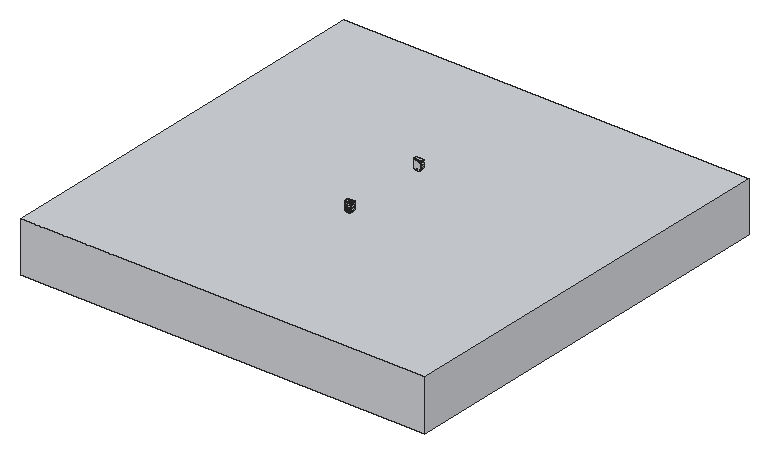
Revit family "Trade Easy Lock", category Обобщенные модели, Revit 2017
Family settings
  Основа = Грань
  Может служить основой для арматурных стержней = Нет
  Размер круглого соединителя = Использовать диаметр
  Тип детали = Нормальный
  При загрузке вырезать с полостями = Нет
  Общий = Нет
  Точка расчета площади = Нет
Parameters
  Расстояние до плоскости = 100 mm
  Default Elevation = 1219.2 mm
  Начало профиля = 249.976 mm
  Конец профиля = 250.024 mm
Reference planes
  plane 1 "По центру (Вперед/Назад)": y = 0
  plane 2: z = 0
  plane 3 "По центру (Влево/Вправо)": x = 0
  plane 4 "Плоскость светильника": z = 100
Forms (mm)
  Extrusion 1, solid
    sketch origin (0, 0, 0) x (1, 0, 0) y (0, 1, 0)
      loop
        line (-1219.2, 1219.2) -> (-1219.2, -1219.2) -> (1219.2, -1219.2) -> (1219.2, 1219.2) -> (-1219.2, 1219.2)
    from 0 to -304.8
  Extrusion 2, solid, material "Алюминий"
    sketch origin (-19.367, -250.024, 100) x (1, 0, 0) y (0, 0, 1)
      loop
        arc (33.722, -51.859) -> (35.632, -52.295) -> (37.398, -51.445) r 2.966
        arc (37.398, -51.445) -> (38.236, -49.77) -> (37.904, -47.926) r 2.966
        arc (37.904, -47.926) -> (40.834, -43.611) -> (42.805, -38.782) r 25
        arc (42.805, -38.782) -> (38.95, -31.8) -> (42.805, -24.818) r 8.25
        arc (42.805, -24.818) -> (40.346, -19.12) -> (36.558, -14.203) r 25
        arc (36.558, -14.203) -> (38.174, -13.134) -> (38.8, -11.3) r 3
        arc (38.8, -11.3) -> (38.255, -9.575) -> (36.817, -8.478) r 3
        arc (36.817, -8.478) -> (36.433, -8.368) -> (36.038, -8.309) r 3
        arc (36.038, -8.309) -> (36.366, -7.795) -> (36.672, -7.268) r 15
        arc (36.672, -7.268) -> (40.4, -8.16) -> (42.571, -5) r 3.385
        line (42.571, -5) -> (42.571, 0) -> (40.76, 0) -> (37.759, 0) -> (-0.159, 0) -> (-3.16, 0) -> (-4.971, 0) -> (-4.971, -5)
        arc (-4.971, -5) -> (-2.8, -8.16) -> (0.928, -7.268) r 3.385
        arc (0.928, -7.268) -> (1.234, -7.795) -> (1.562, -8.309) r 15
        arc (1.562, -8.309) -> (1.167, -8.368) -> (0.783, -8.478) r 3
        arc (0.783, -8.478) -> (-0.655, -9.575) -> (-1.2, -11.3) r 3
        arc (-1.2, -11.3) -> (-0.574, -13.134) -> (1.042, -14.203) r 3
        arc (1.042, -14.203) -> (-2.746, -19.12) -> (-5.205, -24.818) r 25
        arc (-5.205, -24.818) -> (-1.35, -31.8) -> (-5.205, -38.782) r 8.25
        arc (-5.205, -38.782) -> (-3.234, -43.611) -> (-0.304, -47.926) r 25
        arc (-0.304, -47.926) -> (-0.636, -49.77) -> (0.202, -51.445) r 2.966
        arc (0.202, -51.445) -> (1.968, -52.295) -> (3.878, -51.859) r 2.966
        arc (3.878, -51.859) -> (9.009, -54.803) -> (14.688, -56.46) r 25
        line (14.688, -56.46) -> (14.688, -50.7) -> (18.8, -50.7) -> (22.912, -50.7) -> (22.912, -56.46)
        arc (22.912, -56.46) -> (28.591, -54.803) -> (33.722, -51.859) r 25
    from 0 to 1.5
  Extrusion 3, solid
    sketch origin (18.233, 249.976, 100) x (-1, 0, 0) y (0, 0, 1)
      loop
        arc (3.884, -51.859) -> (9.014, -54.803) -> (14.693, -56.46) r 25
        line (14.693, -56.46) -> (14.693, -50.7) -> (18.805, -50.7) -> (22.917, -50.7) -> (22.917, -56.46)
        arc (22.917, -56.46) -> (28.596, -54.803) -> (33.727, -51.859) r 25
        arc (33.727, -51.859) -> (35.637, -52.295) -> (37.403, -51.445) r 2.966
        arc (37.403, -51.445) -> (38.241, -49.77) -> (37.909, -47.926) r 2.966
        arc (37.909, -47.926) -> (40.839, -43.611) -> (42.81, -38.782) r 25
        arc (42.81, -38.782) -> (38.955, -31.8) -> (42.81, -24.818) r 8.25
        arc (42.81, -24.818) -> (40.351, -19.12) -> (36.563, -14.203) r 25
        arc (36.563, -14.203) -> (38.179, -13.134) -> (38.805, -11.3) r 3
        arc (38.805, -11.3) -> (38.26, -9.575) -> (36.822, -8.478) r 3
        arc (36.822, -8.478) -> (36.438, -8.368) -> (36.043, -8.309) r 3
        arc (36.043, -8.309) -> (36.371, -7.795) -> (36.677, -7.268) r 15
        arc (36.677, -7.268) -> (40.405, -8.16) -> (42.576, -5) r 3.385
        line (42.576, -5) -> (42.576, 0) -> (40.765, 0) -> (37.764, 0) -> (-0.154, 0) -> (-3.155, 0) -> (-4.966, 0) -> (-4.966, -5)
        arc (-4.966, -5) -> (-2.795, -8.16) -> (0.933, -7.268) r 3.385
        arc (0.933, -7.268) -> (1.239, -7.795) -> (1.567, -8.309) r 15
        arc (1.567, -8.309) -> (1.172, -8.368) -> (0.788, -8.478) r 3
        arc (0.788, -8.478) -> (-0.65, -9.575) -> (-1.195, -11.3) r 3
        arc (-1.195, -11.3) -> (-0.569, -13.134) -> (1.047, -14.203) r 3
        arc (1.047, -14.203) -> (-2.741, -19.12) -> (-5.2, -24.818) r 25
        arc (-5.2, -24.818) -> (-1.345, -31.8) -> (-5.2, -38.782) r 8.25
        arc (-5.2, -38.782) -> (-3.229, -43.611) -> (-0.299, -47.926) r 25
        arc (-0.299, -47.926) -> (-0.631, -49.77) -> (0.207, -51.445) r 2.966
        arc (0.207, -51.445) -> (1.973, -52.295) -> (3.884, -51.859) r 2.966
    from 0 to 1.5
  Extrusion 4, solid
    sketch origin (0, -398.223, 100) x (0, -1, 0) y (1, 0, 0)
      loop
        line (-154.699, 18.233) -> (-154.699, -19.367) -> (-148.199, -19.367) -> (-148.199, 18.233) -> (-154.699, 18.233)
      loop
        line (-648.199, -19.367) -> (-641.699, -19.367) -> (-641.699, 18.233) -> (-648.199, 18.233) -> (-648.199, -19.367)
    from 0 to -1
  Extrusion 5, solid
    sketch origin (-19.367, -251.524, 100) x (1, 0, 0) y (0, 0, 1)
      loop
        line (14.683, -50.7) -> (18.795, -50.7) -> (22.907, -50.7) -> (22.907, -56.46)
        arc (22.907, -56.46) -> (28.586, -54.803) -> (33.716, -51.859) r 25
        arc (33.716, -51.859) -> (33.841, -47.801) -> (37.899, -47.926) r 2.87
        arc (37.899, -47.926) -> (40.829, -43.611) -> (42.8, -38.782) r 25
        arc (42.8, -38.782) -> (38.945, -31.8) -> (42.8, -24.818) r 8.25
        arc (42.8, -24.818) -> (40.341, -19.12) -> (36.553, -14.203) r 25
        arc (36.553, -14.203) -> (35.866, -10.39) -> (39.18, -8.385) r 3.418
        arc (39.18, -8.385) -> (41.574, -7.394) -> (42.566, -5) r 3.385
        line (42.566, -5) -> (42.566, 0) -> (40.755, 0) -> (18.795, 0) -> (-3.165, 0) -> (-4.976, 0) -> (-4.976, -5)
        arc (-4.976, -5) -> (-3.984, -7.394) -> (-1.59, -8.385) r 3.385
        arc (-1.59, -8.385) -> (1.724, -10.39) -> (1.037, -14.203) r 3.418
        arc (1.037, -14.203) -> (-2.751, -19.12) -> (-5.21, -24.818) r 25
        arc (-5.21, -24.818) -> (-1.355, -31.8) -> (-5.21, -38.782) r 8.25
        arc (-5.21, -38.782) -> (-3.239, -43.611) -> (-0.309, -47.926) r 25
        arc (-0.309, -47.926) -> (3.749, -47.801) -> (3.873, -51.859) r 2.87
        arc (3.873, -51.859) -> (9.004, -54.803) -> (14.683, -56.46) r 25
        line (14.683, -56.46) -> (14.683, -50.7)
    from 0 to 18
  Extrusion 6, solid
    sketch origin (18.233, 251.476, 100) x (-1, 0, 0) y (0, 0, 1)
      loop
        line (22.808, -50.7) -> (22.808, -56.46)
        arc (22.808, -56.46) -> (28.487, -54.803) -> (33.618, -51.859) r 25
        arc (33.618, -51.859) -> (33.743, -47.801) -> (37.8, -47.926) r 2.87
        arc (37.8, -47.926) -> (40.731, -43.611) -> (42.702, -38.782) r 25
        arc (42.702, -38.782) -> (38.847, -31.8) -> (42.702, -24.818) r 8.25
        arc (42.702, -24.818) -> (40.242, -19.12) -> (36.454, -14.203) r 25
        arc (36.454, -14.203) -> (35.767, -10.39) -> (39.082, -8.385) r 3.418
        arc (39.082, -8.385) -> (41.476, -7.394) -> (42.467, -5) r 3.385
        line (42.467, -5) -> (42.467, 0) -> (40.657, 0) -> (18.696, 0) -> (-3.264, 0) -> (-5.074, 0) -> (-5.074, -5)
        arc (-5.074, -5) -> (-4.083, -7.394) -> (-1.689, -8.385) r 3.385
        arc (-1.689, -8.385) -> (1.626, -10.39) -> (0.939, -14.203) r 3.418
        arc (0.939, -14.203) -> (-2.849, -19.12) -> (-5.309, -24.818) r 25
        arc (-5.309, -24.818) -> (-1.454, -31.8) -> (-5.309, -38.782) r 8.25
        arc (-5.309, -38.782) -> (-3.338, -43.611) -> (-0.407, -47.926) r 25
        arc (-0.407, -47.926) -> (3.65, -47.801) -> (3.775, -51.859) r 2.87
        arc (3.775, -51.859) -> (8.906, -54.803) -> (14.585, -56.46) r 25
        line (14.585, -56.46) -> (14.585, -50.7) -> (18.696, -50.7) -> (22.808, -50.7)
    from 0 to 18
  Extrusion 7, void
    sketch origin (-19.367, -269.524, 100) x (-1, 0, 0) y (0, 0, 1)
      loop
        line (-24.215, -49.573) -> (-18.904, -49.573) -> (-13.592, -49.573) -> (-13.592, -55.073)
        arc (-13.592, -55.073) -> (-9.442, -53.712) -> (-5.612, -51.616) r 23.8
        arc (-5.612, -51.616) -> (-4.679, -47) -> (-0.015, -46.353) r 4.07
        arc (-0.015, -46.353) -> (2.136, -43) -> (3.697, -39.334) r 23.8
        arc (3.697, -39.334) -> (0.047, -31.873) -> (3.697, -24.413) r 9.45
        arc (3.697, -24.413) -> (1.388, -19.437) -> (-1.998, -15.121) r 23.8
        arc (-1.998, -15.121) -> (-2.935, -9.989) -> (1.511, -7.259) r 4.618
        arc (1.511, -7.259) -> (3.037, -6.609) -> (3.667, -5.073) r 2.185
        line (3.667, -5.073) -> (3.667, -1.273) -> (-18.904, -1.273) -> (-41.474, -1.273) -> (-41.474, -5.073)
        arc (-41.474, -5.073) -> (-40.844, -6.609) -> (-39.318, -7.259) r 2.185
        arc (-39.318, -7.259) -> (-34.872, -9.989) -> (-35.809, -15.121) r 4.618
        arc (-35.809, -15.121) -> (-39.196, -19.437) -> (-41.504, -24.413) r 23.8
        arc (-41.504, -24.413) -> (-37.854, -31.873) -> (-41.504, -39.334) r 9.45
        arc (-41.504, -39.334) -> (-39.943, -43) -> (-37.792, -46.353) r 23.8
        arc (-37.792, -46.353) -> (-33.128, -47) -> (-32.195, -51.616) r 4.07
        arc (-32.195, -51.616) -> (-28.365, -53.712) -> (-24.215, -55.073) r 23.8
        line (-24.215, -55.073) -> (-24.215, -49.573)
      loop
        line (-18.904, -19.373) -> (-28.304, -19.373)
        arc (-28.304, -19.373) -> (-31.839, -20.838) -> (-33.304, -24.373) r 5
        line (-33.304, -24.373) -> (-33.304, -31.213)
        arc (-33.304, -31.213) -> (-32.96, -32.942) -> (-31.98, -34.407) r 4.518
        line (-31.98, -34.407) -> (-27.334, -39.054)
        arc (-27.334, -39.054) -> (-25.872, -40.03) -> (-24.148, -40.373) r 4.506
        line (-24.148, -40.373) -> (-18.904, -40.373) -> (-13.659, -40.373)
        arc (-13.659, -40.373) -> (-11.935, -40.03) -> (-10.473, -39.054) r 4.506
        line (-10.473, -39.054) -> (-5.827, -34.407)
        arc (-5.827, -34.407) -> (-4.847, -32.942) -> (-4.504, -31.213) r 4.518
        line (-4.504, -31.213) -> (-4.504, -24.373)
        arc (-4.504, -24.373) -> (-5.968, -20.838) -> (-9.504, -19.373) r 5
        line (-9.504, -19.373) -> (-18.904, -19.373)
      loop
        line (-24.579, -30.813) -> (-24.579, -25.813) -> (-27.035, -25.813) -> (-27.035, -30.813) -> (-24.579, -30.813)
      loop
        line (-20.107, -34.85) -> (-17.651, -34.85) -> (-17.651, -29.85) -> (-20.107, -29.85) -> (-20.107, -34.85)
      loop
        line (-13.179, -30.813) -> (-10.723, -30.813) -> (-10.723, -25.813) -> (-13.179, -25.813) -> (-13.179, -30.813)
    from 0 to 15
  Extrusion 8, void
    sketch origin (18.233, 269.476, 100) x (1, 0, 0) y (0, 0, 1)
      loop
        line (-13.385, -49.321) -> (-13.385, -54.82)
        arc (-13.385, -54.82) -> (-9.235, -53.459) -> (-5.405, -51.363) r 23.8
        arc (-5.405, -51.363) -> (-4.472, -46.748) -> (0.192, -46.101) r 4.07
        arc (0.192, -46.101) -> (2.343, -42.747) -> (3.904, -39.081) r 23.8
        arc (3.904, -39.081) -> (0.254, -31.621) -> (3.904, -24.16) r 9.45
        arc (3.904, -24.16) -> (1.596, -19.184) -> (-1.791, -14.868) r 23.8
        arc (-1.791, -14.868) -> (-2.728, -9.736) -> (1.718, -7.006) r 4.618
        arc (1.718, -7.006) -> (3.244, -6.356) -> (3.874, -4.821) r 2.185
        line (3.874, -4.821) -> (3.874, -1.021) -> (-18.696, -1.021) -> (-41.267, -1.021) -> (-41.267, -4.821)
        arc (-41.267, -4.821) -> (-40.637, -6.356) -> (-39.111, -7.006) r 2.185
        arc (-39.111, -7.006) -> (-34.665, -9.736) -> (-35.602, -14.868) r 4.618
        arc (-35.602, -14.868) -> (-38.988, -19.184) -> (-41.297, -24.16) r 23.8
        arc (-41.297, -24.16) -> (-37.647, -31.621) -> (-41.297, -39.081) r 9.45
        arc (-41.297, -39.081) -> (-39.736, -42.747) -> (-37.585, -46.101) r 23.8
        arc (-37.585, -46.101) -> (-32.921, -46.748) -> (-31.988, -51.363) r 4.07
        arc (-31.988, -51.363) -> (-28.158, -53.459) -> (-24.008, -54.82) r 23.8
        line (-24.008, -54.82) -> (-24.008, -49.321) -> (-18.696, -49.321) -> (-13.385, -49.321)
      loop
        line (-18.696, -19.121) -> (-28.096, -19.121)
        arc (-28.096, -19.121) -> (-31.632, -20.585) -> (-33.096, -24.121) r 5
        line (-33.096, -24.121) -> (-33.096, -30.96)
        arc (-33.096, -30.96) -> (-32.753, -32.689) -> (-31.773, -34.155) r 4.518
        line (-31.773, -34.155) -> (-27.127, -38.801)
        arc (-27.127, -38.801) -> (-25.665, -39.778) -> (-23.941, -40.121) r 4.506
        line (-23.941, -40.121) -> (-18.696, -40.121) -> (-13.452, -40.121)
        arc (-13.452, -40.121) -> (-11.728, -39.778) -> (-10.266, -38.801) r 4.506
        line (-10.266, -38.801) -> (-5.62, -34.155)
        arc (-5.62, -34.155) -> (-4.64, -32.689) -> (-4.296, -30.96) r 4.518
        line (-4.296, -30.96) -> (-4.296, -24.121)
        arc (-4.296, -24.121) -> (-5.761, -20.585) -> (-9.296, -19.121) r 5
        line (-9.296, -19.121) -> (-18.696, -19.121)
      loop
        line (-13.021, -30.56) -> (-10.565, -30.56) -> (-10.565, -25.56) -> (-13.021, -25.56) -> (-13.021, -30.56)
      loop
        line (-17.493, -34.597) -> (-17.493, -29.597) -> (-19.949, -29.597) -> (-19.949, -34.597) -> (-17.493, -34.597)
      loop
        line (-24.421, -30.56) -> (-24.421, -25.56) -> (-26.877, -25.56) -> (-26.877, -30.56) -> (-24.421, -30.56)
      loop
        arc (-25.713, -37.387) -> (-24.9, -37.93) -> (-23.941, -38.121) r 2.506
        line (-23.941, -38.121) -> (-18.696, -38.121) -> (-13.452, -38.121)
        arc (-13.452, -38.121) -> (-12.493, -37.93) -> (-11.68, -37.387) r 2.506
        line (-11.68, -37.387) -> (-7.034, -32.74)
        arc (-7.034, -32.74) -> (-6.488, -31.923) -> (-6.296, -30.96) r 2.518
        line (-6.296, -30.96) -> (-6.296, -24.121)
        arc (-6.296, -24.121) -> (-7.175, -21.999) -> (-9.296, -21.121) r 3
        line (-9.296, -21.121) -> (-18.696, -21.121) -> (-28.096, -21.121)
        arc (-28.096, -21.121) -> (-30.218, -21.999) -> (-31.096, -24.121) r 3
        line (-31.096, -24.121) -> (-31.096, -30.96)
        arc (-31.096, -30.96) -> (-30.905, -31.923) -> (-30.359, -32.74) r 2.518
        line (-30.359, -32.74) -> (-25.713, -37.387)
    from 0 to 15
Cuts and joins
  Extrusion 7 cuts Extrusion 5
  Extrusion 8 cuts Extrusion 6
Dimensions and locks
  "Расстояние до плоскости": plane 4 "Плоскость светильника" to Extrusion 1
  "Конец профиля": plane 1 "По центру (Вперед/Назад)" to Extrusion 4
  "Начало профиля": Extrusion 4 to plane 1 "По центру (Вперед/Назад)"
  aligned and locked: plane 2 to Extrusion 1
  aligned and locked: level to Extrusion 1
Automatic sketch dimensions
  Extrusion 1 sketch curve to Extrusion 1 sketch curve = 2438.4 mm  (x2)
  Extrusion 4 sketch curve to plane 3 "По центру (Влево/Вправо)" = 19.367 mm  (x2)
  plane 1 "По центру (Вперед/Назад)" to Extrusion 4 sketch curve = 243.524 mm
  Extrusion 4 sketch curve to Extrusion 4 sketch curve = 6.5 mm  (x2)
  plane 3 "По центру (Влево/Вправо)" to Extrusion 4 sketch curve = 18.233 mm  (x2)
  Extrusion 4 sketch curve to plane 1 "По центру (Вперед/Назад)" = 243.476 mm
  Extrusion 2 sketch curve to Extrusion 2 sketch curve = 0 mm  (x46)
  Extrusion 2 sketch curve to Extrusion 4 = 0 mm  (x3)
  Extrusion 2 sketch curve to Extrusion 4 = 9.6 mm
  Extrusion 2 sketch curve to Extrusion 4 = 4.971 mm
  Extrusion 2 sketch curve to Extrusion 2 sketch curve = 1.81 mm
  Extrusion 2 sketch curve to Extrusion 4 = 1.585 mm
  Extrusion 2 sketch curve to Extrusion 4 = 0.159 mm
  Extrusion 4 to Extrusion 2 sketch curve = 1.8 mm
  Extrusion 4 to Extrusion 2 sketch curve = 2.3 mm
  Extrusion 4 to Extrusion 2 sketch curve = 14.05 mm
  Extrusion 2 sketch curve to Extrusion 2 sketch curve = 12.388 mm
  Extrusion 4 to Extrusion 2 sketch curve = 18.8 mm
  Extrusion 2 sketch curve to Extrusion 2 sketch curve = 4.112 mm  (x2)
  Extrusion 2 sketch curve to Extrusion 2 sketch curve = 9.5 mm
  Extrusion 2 sketch curve to Extrusion 4 = 2.3 mm
  Extrusion 2 sketch curve to Extrusion 4 = 1.8 mm
  Extrusion 4 to Extrusion 2 sketch curve = 0.159 mm
  Extrusion 4 to Extrusion 2 sketch curve = 1.585 mm
  Extrusion 2 sketch curve to Extrusion 2 sketch curve = 3.001 mm
  Extrusion 2 sketch curve to Extrusion 2 sketch curve = 3.385 mm
  Extrusion 4 to Extrusion 2 sketch curve = 9.6 mm
  Extrusion 2 sketch curve to Extrusion 4 = 4 mm  (x2)
  Extrusion 2 sketch curve to Extrusion 2 sketch curve = 6.3 mm  (x2)
  Extrusion 2 sketch curve to Extrusion 2 sketch curve = 20.5 mm  (x3)
  Extrusion 2 sketch curve to Extrusion 2 sketch curve = 17.547 mm  (x2)
  Extrusion 2 sketch curve to Extrusion 2 sketch curve = 1.353 mm
  Extrusion 2 sketch curve to Extrusion 2 sketch curve = 5.76 mm  (x2)
  Extrusion 2 sketch curve to Extrusion 4 = 5.205 mm  (x2)
  Extrusion 2 sketch curve to Extrusion 4 = 1.2 mm
  Extrusion 2 sketch curve to Extrusion 4 = 0.304 mm
  Extrusion 4 to Extrusion 2 sketch curve = 0.202 mm
  Extrusion 4 to Extrusion 2 sketch curve = 0.783 mm
  Extrusion 4 to Extrusion 2 sketch curve = 0.928 mm
  Extrusion 4 to Extrusion 2 sketch curve = 1.042 mm
  Extrusion 2 sketch curve to Extrusion 2 sketch curve = 1.578 mm
  Extrusion 2 sketch curve to Extrusion 4 = 1.562 mm
  Extrusion 2 sketch curve to Extrusion 4 = 1.042 mm
  Extrusion 2 sketch curve to Extrusion 4 = 0.928 mm
  Extrusion 2 sketch curve to Extrusion 4 = 0.783 mm
  Extrusion 2 sketch curve to Extrusion 4 = 0.202 mm
  Extrusion 4 to Extrusion 2 sketch curve = 0.304 mm
  Extrusion 4 to Extrusion 2 sketch curve = 5.205 mm
  Extrusion 3 sketch curve to Extrusion 3 sketch curve = 0 mm  (x46)
  Extrusion 3 sketch curve to Extrusion 4 = 0 mm  (x3)
  Extrusion 3 sketch curve to Extrusion 4 = 9.595 mm
  Extrusion 3 sketch curve to Extrusion 4 = 4.966 mm
  Extrusion 3 sketch curve to Extrusion 3 sketch curve = 1.81 mm  (x2)
  Extrusion 3 sketch curve to Extrusion 4 = 1.58 mm
  Extrusion 3 sketch curve to Extrusion 4 = 0.154 mm
  Extrusion 4 to Extrusion 3 sketch curve = 1.805 mm
  Extrusion 4 to Extrusion 3 sketch curve = 2.305 mm
  Extrusion 4 to Extrusion 3 sketch curve = 14.055 mm
  Extrusion 3 sketch curve to Extrusion 3 sketch curve = 12.388 mm
  Extrusion 3 sketch curve to Extrusion 4 = 18.795 mm
  Extrusion 3 sketch curve to Extrusion 3 sketch curve = 4.112 mm  (x2)
  Extrusion 3 sketch curve to Extrusion 3 sketch curve = 9.5 mm
  Extrusion 3 sketch curve to Extrusion 4 = 2.295 mm
  Extrusion 3 sketch curve to Extrusion 4 = 1.795 mm
  Extrusion 4 to Extrusion 3 sketch curve = 0.164 mm
  Extrusion 4 to Extrusion 3 sketch curve = 1.59 mm
  Extrusion 3 sketch curve to Extrusion 3 sketch curve = 3.001 mm
  Extrusion 4 to Extrusion 3 sketch curve = 9.605 mm
  Extrusion 3 sketch curve to Extrusion 4 = 4 mm  (x2)
  Extrusion 3 sketch curve to Extrusion 3 sketch curve = 6.3 mm  (x2)
  Extrusion 3 sketch curve to Extrusion 3 sketch curve = 20.5 mm  (x3)
  Extrusion 3 sketch curve to Extrusion 3 sketch curve = 17.547 mm  (x2)
  Extrusion 3 sketch curve to Extrusion 3 sketch curve = 1.353 mm
  Extrusion 3 sketch curve to Extrusion 3 sketch curve = 5.76 mm  (x2)
  Extrusion 3 sketch curve to Extrusion 4 = 5.2 mm  (x2)
  Extrusion 3 sketch curve to Extrusion 4 = 1.195 mm
  Extrusion 3 sketch curve to Extrusion 4 = 0.299 mm
  Extrusion 4 to Extrusion 3 sketch curve = 0.207 mm
  Extrusion 4 to Extrusion 3 sketch curve = 0.788 mm
  Extrusion 4 to Extrusion 3 sketch curve = 0.933 mm
  Extrusion 4 to Extrusion 3 sketch curve = 1.047 mm
  Extrusion 3 sketch curve to Extrusion 3 sketch curve = 1.578 mm
  Extrusion 3 sketch curve to Extrusion 4 = 1.557 mm
  Extrusion 3 sketch curve to Extrusion 4 = 1.037 mm
  Extrusion 3 sketch curve to Extrusion 4 = 0.923 mm
  Extrusion 3 sketch curve to Extrusion 4 = 0.778 mm
  Extrusion 3 sketch curve to Extrusion 4 = 0.197 mm
  Extrusion 4 to Extrusion 3 sketch curve = 0.309 mm
  Extrusion 4 to Extrusion 3 sketch curve = 5.21 mm
  Extrusion 5 sketch curve to Extrusion 5 sketch curve = 0 mm  (x31)
  Extrusion 2 to Extrusion 5 sketch curve = 4.634 mm
  Extrusion 5 sketch curve to Extrusion 2 = 0 mm
  Extrusion 2 to Extrusion 5 sketch curve = 0.005 mm  (x2)
  Extrusion 5 sketch curve to Extrusion 5 sketch curve = 1.81 mm  (x2)
  Extrusion 5 sketch curve to Extrusion 5 sketch curve = 3.385 mm
  Extrusion 5 sketch curve to Extrusion 5 sketch curve = 0.2 mm
  Extrusion 5 sketch curve to Extrusion 2 = 0.808 mm  (x2)
  Extrusion 5 sketch curve to Extrusion 2 = 6.753 mm
  Extrusion 5 sketch curve to Extrusion 2 = 0.005 mm
  Extrusion 2 to Extrusion 5 sketch curve = 4.117 mm  (x3)
  Extrusion 2 to Extrusion 5 sketch curve = 0 mm
  Extrusion 5 sketch curve to Extrusion 2 = 6.763 mm
  Extrusion 5 sketch curve to Extrusion 2 = 3.591 mm
  Extrusion 5 sketch curve to Extrusion 2 = 3.39 mm
  Extrusion 5 sketch curve to Extrusion 2 = 1.815 mm
  Extrusion 2 to Extrusion 5 sketch curve = 4.624 mm
  Extrusion 5 sketch curve to Extrusion 5 sketch curve = 5.76 mm  (x2)
  Extrusion 5 sketch curve to Extrusion 2 = 18.9 mm  (x3)
  Extrusion 5 sketch curve to Extrusion 5 sketch curve = 11.797 mm  (x2)
  Extrusion 5 sketch curve to Extrusion 5 sketch curve = 5 mm  (x2)
  Extrusion 2 to Extrusion 5 sketch curve = 0.24 mm  (x2)
  Extrusion 5 sketch curve to Extrusion 2 = 2.774 mm
  Extrusion 5 sketch curve to Extrusion 5 sketch curve = 2.091 mm
  Extrusion 2 to Extrusion 5 sketch curve = 1.159 mm
  Extrusion 5 sketch curve to Extrusion 2 = 4.672 mm
  Extrusion 2 to Extrusion 5 sketch curve = 0.23 mm
  Extrusion 6 sketch curve to Extrusion 6 sketch curve = 0 mm  (x31)
  Extrusion 6 sketch curve to Extrusion 3 = 18.9 mm  (x3)
  Extrusion 3 to Extrusion 6 sketch curve = 4.738 mm
  Extrusion 6 sketch curve to Extrusion 6 sketch curve = 4.629 mm
  Extrusion 6 sketch curve to Extrusion 6 sketch curve = 1.81 mm  (x2)
  Extrusion 6 sketch curve to Extrusion 6 sketch curve = 3.385 mm
  Extrusion 6 sketch curve to Extrusion 6 sketch curve = 0.2 mm
  Extrusion 6 sketch curve to Extrusion 6 sketch curve = 11.387 mm
  Extrusion 6 sketch curve to Extrusion 6 sketch curve = 12.901 mm
  Extrusion 6 sketch curve to Extrusion 3 = 23.662 mm  (x2)
  Extrusion 6 sketch curve to Extrusion 6 sketch curve = 4.112 mm  (x2)
  Extrusion 6 sketch curve to Extrusion 3 = 40.675 mm
  Extrusion 6 sketch curve to Extrusion 3 = 43.847 mm
  Extrusion 6 sketch curve to Extrusion 3 = 44.048 mm
  Extrusion 6 sketch curve to Extrusion 6 sketch curve = 1.575 mm
  Extrusion 3 to Extrusion 6 sketch curve = 32.403 mm
  Extrusion 6 sketch curve to Extrusion 3 = 0.808 mm
  Extrusion 6 sketch curve to Extrusion 6 sketch curve = 18.092 mm
  Extrusion 6 sketch curve to Extrusion 6 sketch curve = 0.808 mm
  Extrusion 6 sketch curve to Extrusion 6 sketch curve = 5.76 mm  (x2)
  Extrusion 6 sketch curve to Extrusion 3 = 38.903 mm  (x2)
  Extrusion 6 sketch curve to Extrusion 6 sketch curve = 6.797 mm  (x2)
  Extrusion 6 sketch curve to Extrusion 6 sketch curve = 5 mm
  Extrusion 6 sketch curve to Extrusion 6 sketch curve = 4.395 mm  (x2)
  Extrusion 6 sketch curve to Extrusion 3 = 25.882 mm  (x2)
  Extrusion 6 sketch curve to Extrusion 6 sketch curve = 2.091 mm
  Extrusion 6 sketch curve to Extrusion 3 = 38.584 mm
  Extrusion 6 sketch curve to Extrusion 3 = 42.766 mm
  Extrusion 7 sketch curve to Extrusion 7 sketch curve = 0 mm  (x12)
  Extrusion 7 sketch curve to Extrusion 5 = 4.738 mm
  Extrusion 5 to Extrusion 7 sketch curve = 1.091 mm  (x2)
  Extrusion 7 sketch curve to Extrusion 7 sketch curve = 2.185 mm
  Extrusion 5 to Extrusion 7 sketch curve = 3.477 mm
  Extrusion 5 to Extrusion 7 sketch curve = 6.65 mm
  Extrusion 5 to Extrusion 7 sketch curve = 9.262 mm
  Extrusion 5 to Extrusion 7 sketch curve = 16.293 mm  (x2)
  Extrusion 7 sketch curve to Extrusion 7 sketch curve = 1.323 mm
  Extrusion 7 sketch curve to Extrusion 7 sketch curve = 4.518 mm
  Extrusion 7 sketch curve to Extrusion 7 sketch curve = 5 mm  (x4)
  Extrusion 5 to Extrusion 7 sketch curve = 11.646 mm  (x2)
  Extrusion 5 to Extrusion 7 sketch curve = 4.427 mm
  Extrusion 7 sketch curve to Extrusion 7 sketch curve = 1.75 mm
  Extrusion 5 to Extrusion 7 sketch curve = 1.672 mm
  Extrusion 5 to Extrusion 7 sketch curve = 1.309 mm  (x2)
  Extrusion 5 to Extrusion 7 sketch curve = 1.241 mm
  Extrusion 7 sketch curve to Extrusion 5 = 2.8 mm
  Extrusion 7 sketch curve to Extrusion 5 = 4.003 mm  (x4)
  Extrusion 7 sketch curve to Extrusion 7 sketch curve = 1.203 mm
  Extrusion 7 sketch curve to Extrusion 7 sketch curve = 2.456 mm  (x2)
  Extrusion 5 to Extrusion 7 sketch curve = 1.024 mm
  Extrusion 5 to Extrusion 7 sketch curve = 1.504 mm
  Extrusion 7 sketch curve to Extrusion 7 sketch curve = 3.186 mm
  Extrusion 7 sketch curve to Extrusion 7 sketch curve = 1.219 mm
  Extrusion 7 sketch curve to Extrusion 7 sketch curve = 1.701 mm
  Extrusion 7 sketch curve to Extrusion 7 sketch curve = 3.195 mm
  Extrusion 5 to Extrusion 7 sketch curve = 6.867 mm
  Extrusion 5 to Extrusion 7 sketch curve = 3.694 mm
  Extrusion 5 to Extrusion 7 sketch curve = 3.494 mm
  Extrusion 7 sketch curve to Extrusion 5 = 4.521 mm
  Extrusion 5 to Extrusion 7 sketch curve = 10.327 mm
  Extrusion 7 sketch curve to Extrusion 7 sketch curve = 9.2 mm
  Extrusion 7 sketch curve to Extrusion 7 sketch curve = 0.392 mm  (x2)
  Extrusion 7 sketch curve to Extrusion 7 sketch curve = 5.5 mm  (x2)
  Extrusion 5 to Extrusion 7 sketch curve = 15.85 mm
  Extrusion 5 to Extrusion 7 sketch curve = 18.827 mm  (x2)
  Extrusion 7 sketch curve to Extrusion 7 sketch curve = 2.977 mm
  Extrusion 7 sketch curve to Extrusion 7 sketch curve = 0.399 mm  (x2)
  Extrusion 7 sketch curve to Extrusion 7 sketch curve = 2.023 mm
  Extrusion 7 sketch curve to Extrusion 7 sketch curve = 1.44 mm
  Extrusion 7 sketch curve to Extrusion 7 sketch curve = 7.503 mm  (x2)
  Extrusion 7 sketch curve to Extrusion 7 sketch curve = 6.797 mm  (x2)
  Extrusion 7 sketch curve to Extrusion 7 sketch curve = 3.8 mm
  Extrusion 5 to Extrusion 7 sketch curve = 1.062 mm  (x2)
  Extrusion 7 sketch curve to Extrusion 7 sketch curve = 0.029 mm
  Extrusion 7 sketch curve to Extrusion 7 sketch curve = 1.876 mm  (x2)
  Extrusion 7 sketch curve to Extrusion 7 sketch curve = 3.721 mm
  Extrusion 7 sketch curve to Extrusion 7 sketch curve = 3.28 mm
  Extrusion 5 to Extrusion 7 sketch curve = 1.279 mm
  Extrusion 8 sketch curve to Extrusion 8 sketch curve = 0 mm  (x47)
  Extrusion 8 sketch curve to Extrusion 6 = 4.629 mm
  Extrusion 8 sketch curve to Extrusion 8 sketch curve = 5.829 mm
  Extrusion 8 sketch curve to Extrusion 8 sketch curve = 2.185 mm  (x2)
  Extrusion 8 sketch curve to Extrusion 8 sketch curve = 0.2 mm  (x2)
  Extrusion 8 sketch curve to Extrusion 8 sketch curve = 11.387 mm
  Extrusion 8 sketch curve to Extrusion 8 sketch curve = 5.785 mm
  Extrusion 8 sketch curve to Extrusion 8 sketch curve = 1.323 mm
  Extrusion 8 sketch curve to Extrusion 8 sketch curve = 2 mm
  Extrusion 8 sketch curve to Extrusion 8 sketch curve = 0.738 mm
  Extrusion 8 sketch curve to Extrusion 8 sketch curve = 1.781 mm
  Extrusion 8 sketch curve to Extrusion 8 sketch curve = 3 mm
  Extrusion 8 sketch curve to Extrusion 8 sketch curve = 4.646 mm
  Extrusion 8 sketch curve to Extrusion 8 sketch curve = 1.219 mm
  Extrusion 8 sketch curve to Extrusion 8 sketch curve = 1.414 mm  (x3)
  Extrusion 8 sketch curve to Extrusion 8 sketch curve = 2.456 mm  (x2)
  Extrusion 8 sketch curve to Extrusion 8 sketch curve = 11.701 mm
  Extrusion 8 sketch curve to Extrusion 8 sketch curve = 1.772 mm  (x3)
  Extrusion 8 sketch curve to Extrusion 8 sketch curve = 3.992 mm
  Extrusion 8 sketch curve to Extrusion 8 sketch curve = 1.253 mm
  Extrusion 8 sketch curve to Extrusion 8 sketch curve = 5.244 mm  (x2)
  Extrusion 8 sketch curve to Extrusion 8 sketch curve = 5.725 mm
  Extrusion 8 sketch curve to Extrusion 8 sketch curve = 5.312 mm  (x2)
  Extrusion 8 sketch curve to Extrusion 8 sketch curve = 1.203 mm
  Extrusion 6 to Extrusion 8 sketch curve = 29.446 mm
  Extrusion 8 sketch curve to Extrusion 8 sketch curve = 1.269 mm
  Extrusion 6 to Extrusion 8 sketch curve = 33.653 mm
  Extrusion 6 to Extrusion 8 sketch curve = 35.433 mm
  Extrusion 6 to Extrusion 8 sketch curve = 36.171 mm
  Extrusion 6 to Extrusion 8 sketch curve = 36.847 mm
  Extrusion 6 to Extrusion 8 sketch curve = 40.783 mm
  Extrusion 6 to Extrusion 8 sketch curve = 43.956 mm
  Extrusion 8 sketch curve to Extrusion 6 = 32.512 mm
  Extrusion 8 sketch curve to Extrusion 8 sketch curve = 3.8 mm  (x2)
  Extrusion 8 sketch curve to Extrusion 8 sketch curve = 6.797 mm  (x2)
  Extrusion 8 sketch curve to Extrusion 8 sketch curve = 7.503 mm
  Extrusion 8 sketch curve to Extrusion 8 sketch curve = 1.44 mm  (x2)
  Extrusion 8 sketch curve to Extrusion 8 sketch curve = 4.037 mm
  Extrusion 8 sketch curve to Extrusion 8 sketch curve = 0.963 mm  (x2)
  Extrusion 8 sketch curve to Extrusion 8 sketch curve = 0.399 mm  (x2)
  Extrusion 8 sketch curve to Extrusion 8 sketch curve = 2.023 mm
  Extrusion 8 sketch curve to Extrusion 8 sketch curve = 0.661 mm  (x2)
  Extrusion 8 sketch curve to Extrusion 8 sketch curve = 2.977 mm
  Extrusion 8 sketch curve to Extrusion 8 sketch curve = 1.017 mm  (x2)
  Extrusion 8 sketch curve to Extrusion 8 sketch curve = 9.2 mm
  Extrusion 8 sketch curve to Extrusion 8 sketch curve = 0.392 mm  (x2)
  Extrusion 8 sketch curve to Extrusion 8 sketch curve = 5.5 mm  (x2)
  Extrusion 8 sketch curve to Extrusion 8 sketch curve = 8.2 mm
  Extrusion 8 sketch curve to Extrusion 8 sketch curve = 5.8 mm
  Extrusion 8 sketch curve to Extrusion 8 sketch curve = 0.029 mm
  Extrusion 8 sketch curve to Extrusion 8 sketch curve = 1.876 mm  (x2)
  Extrusion 6 to Extrusion 8 sketch curve = 37.063 mm
  Extrusion 8 sketch curve to Extrusion 8 sketch curve = 3.28 mm
  Extrusion 8 sketch curve to Extrusion 8 sketch curve = 3.712 mm
  Extrusion 6 to Extrusion 8 sketch curve = 1.021 mm
  Extrusion 8 sketch curve to Extrusion 6 = 4.112 mm
